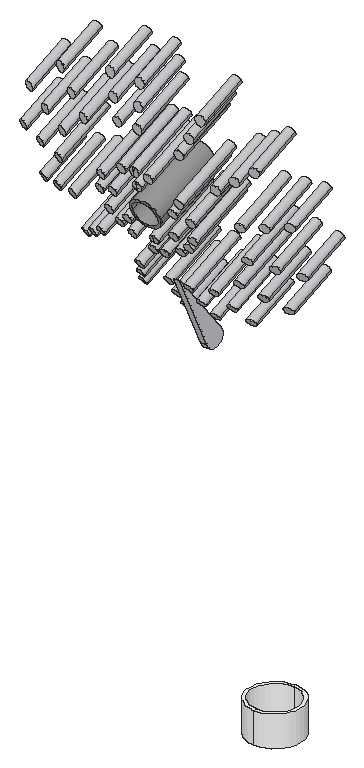
Revit family "Reece_Shower_Posh_Solus MK3_Shower Handpiece", category Plumbing Fixtures, host Face, Revit 2018
Family settings
  Host = Face
  Round Connector Dimension = Use Diameter
  Part Type = Normal
  Cut with Voids When Loaded = No
  Shared = Yes
  Room Calculation Point = Yes
Parameters (values of type "Chrome")
  Waste Connection = no
  WFU = 0
  Vent Connection = no
  URL = "https://www.reece.com.au/product/-2213738"
  Type Comments = "Shower"
  Reece_Shower_Inlet = 12 mm  # constant formula
  Reece_Product_Web Page = "https://www.reece.com.au/product/-2213738"
  Reece_Product_Type = "Shower"  # constant formula
  Reece_Product_Sub Brand = "Solus"  # constant formula
  Reece_Product_Number = "2213738"
  Reece_Product_Mount = "N/A"
  Reece_Product_Description = "Posh Solus MK3 Handpiece Only 3 Function Chrome (4 Star)"  # constant formula
  Reece_Product_Brand = "Posh"  # constant formula
  Reece_Overall_Height = 230 mm  # constant formula
  Reece_Overall_Diameter = 100 mm  # constant formula
  Reece_Material_Secondary = Reece_Plastic_White
  Reece_Material_Main = Reece_Brass_Chrome
  Reece_Material_Colour = Reece_Plastic_ABS
  Reece_Detail_Function = "3 Function"  # constant formula
  Reece_Detail_Disclaimer = "THIS FILE IS THE PROPERTY OF THE REECE GROUP. IT MAY NOT BE REPRODUCED, REVERSE-ENGINEERED OR MODIFIED. ANY REPUBLICATION, TRANSMISSION OR DISTRIBUTION FOR THE PURPOSE OF COMMERCIALLY EXPLOITING THE FILES IS PROHIBITED."  # constant formula
  Reece_Detail_Connector = "Shower Handpiece"  # constant formula
  Model = "Solus"
  Manufacturer = "Posh"
  Keynote = "Product #2213738, Reece_Shower_Posh_Solus MK3_Shower Handpiece - Chrome"
  HWFU = 0
  HW Connection = no
  Disclaimer = "THIS FILE IS THE PROPERTY OF THE REECE GROUP. IT MAY NOT BE REPRODUCED, REVERSE-ENGINEERED OR MODIFIED. ANY REPUBLICATION, TRANSMISSION OR DISTRIBUTION FOR THE PURPOSE OF COMMERCIALLY EXPLOITING THE FILES IS PROHIBITED."  # constant formula
  Description = "Posh Solus MK3 Handpiece Only 3 Function Chrome (4 Star)"
  Default Elevation = 0 mm
  Cost = 0
  CWFU = 0
  CW Connection = no
  Assembly Code = ""
Reference planes
  plane 1 "Center (Front/Back)": y = 0
  plane 2: z = 0
  plane 3 "Center (Left/Right)": x = 0
  plane 4: z = 230
  plane 5: x = 50
  plane 6: x = -50
  plane 7: through (0, -48.793, 230) normal (0, -0.9345, -0.356)
Forms (mm)
  Revolve 1, solid, material "Reece_Brass_Chrome" <- "Reece_Material_Main"
    sketch origin (0, 0, 0) x (0, 1, 0) y (0, 0, 1)
      loop
        line (-8.5, 10) -> (-8.5, 0) -> (-7.5, 0) -> (-7.5, 10) -> (-8.5, 10)
      axis (0, 0) -> (0, 10)
    angle from 0 to 360
  Extrusion 2, solid, material "Reece_Plastic_White" <- "Reece_Material_Secondary", detail levels fine
    sketch origin (477.479, 7.832, 81.339) x (1, 0, 0) y (0, -0.355954, 0.934503)
      loop
        circle (-480.459, 139.366) r 1.5
      loop
        circle (-481.221, 146.324) r 1.5
      loop
        circle (-481.983, 153.283) r 1.5
      loop
        circle (-492.756, 135.192) r 1.5
      loop
        circle (-496.387, 141.176) r 1.5
      loop
        circle (-500.019, 147.16) r 1.5
      loop
        circle (-502.205, 126.11) r 1.5
      loop
        circle (-508.04, 129.975) r 1.5
      loop
        circle (-513.877, 133.84) r 1.5
      loop
        circle (-506.844, 114.108) r 1.5
      loop
        circle (-513.762, 115.173) r 1.5
      loop
        circle (-520.681, 116.238) r 1.5
      loop
        circle (-505.683, 101.24) r 1.5
      loop
        circle (-512.715, 99.191) r 1.5
      loop
        circle (-519.435, 97.232) r 1.5
      loop
        circle (-499.748, 89.764) r 1.5
      loop
        circle (-505.011, 85.148) r 1.5
      loop
        circle (-510.274, 80.533) r 1.5
      loop
        circle (-489.275, 82.085) r 1.5
      loop
        circle (-492.094, 75.678) r 1.5
      loop
        circle (-494.914, 69.271) r 1.5
      loop
        circle (-481.983, 65.806) r 1.5
      loop
        circle (-481.221, 72.764) r 1.5
      loop
        circle (-480.459, 79.723) r 1.5
      loop
        circle (-473.927, 139.366) r 1.5
      loop
        circle (-473.165, 146.324) r 1.5
      loop
        circle (-472.403, 153.283) r 1.5
      loop
        circle (-461.63, 135.192) r 1.5
      loop
        circle (-457.998, 141.176) r 1.5
      loop
        circle (-454.367, 147.16) r 1.5
      loop
        circle (-452.181, 126.11) r 1.5
      loop
        circle (-446.345, 129.975) r 1.5
      loop
        circle (-440.509, 133.84) r 1.5
      loop
        circle (-447.542, 114.108) r 1.5
      loop
        circle (-440.623, 115.173) r 1.5
      loop
        circle (-433.705, 116.238) r 1.5
      loop
        circle (-448.703, 101.24) r 1.5
      loop
        circle (-441.671, 99.191) r 1.5
      loop
        circle (-434.951, 97.232) r 1.5
      loop
        circle (-454.638, 89.764) r 1.5
      loop
        circle (-449.375, 85.148) r 1.5
      loop
        circle (-444.112, 80.533) r 1.5
      loop
        circle (-465.11, 82.085) r 1.5
      loop
        circle (-462.291, 75.678) r 1.5
      loop
        circle (-459.472, 69.271) r 1.5
      loop
        circle (-472.403, 65.806) r 1.5
      loop
        circle (-473.165, 72.764) r 1.5
      loop
        circle (-473.927, 79.723) r 1.5
      loop
        circle (-481.56, 123.863) r 1.5
      loop
        circle (-477.193, 124.544) r 1.5
      loop
        circle (-472.826, 123.863) r 1.5
      loop
        circle (-477.193, 119.544) r 1.5
      loop
        circle (-486.96, 113.426) r 1.5
      loop
        circle (-489.893, 118.03) r 1.5
      loop
        circle (-492.018, 111.826) r 1.5
      loop
        circle (-485.079, 98.07) r 1.5
      loop
        circle (-488.47, 100.904) r 1.5
      loop
        circle (-490.838, 104.636) r 1.5
      loop
        circle (-484.711, 104.201) r 1.5
      loop
        circle (-477.193, 99.73) r 1.5
      loop
        circle (-479.292, 94.627) r 1.5
      loop
        circle (-475.57, 94.724) r 1.5
      loop
        circle (-467.425, 113.426) r 1.5
      loop
        circle (-464.492, 118.03) r 1.5
      loop
        circle (-462.367, 111.826) r 1.5
      loop
        circle (-469.306, 98.07) r 1.5
      loop
        circle (-465.915, 100.904) r 1.5
      loop
        circle (-463.548, 104.636) r 1.5
      loop
        circle (-469.674, 104.201) r 1.5
    from 0 to 30
  Revolve 3, void
    sketch origin (0, 0, 0) x (0, 1, 0) y (0, 0, 1)
      loop
        line (-61.715, 224.008) -> (-80.405, 216.889) -> (-62.963, 171.098) -> (-53.253, 174.797)
        arc (-53.253, 174.797) -> (-59.874, 198.992) -> (-61.715, 224.008) r 129.747
      axis (-44.273, 178.217) -> (-62.963, 171.098)
    angle from 0 to 360
  Extrusion 4, solid
    sketch origin (0, 39.733, 14.556) x (0, 0.951057, 0.309017) y (0, -0.309017, 0.951057)
      loop
        line (-25.001, 129.867) -> (-34.06, 153.652) -> (-30.866, 127.639)
        arc (-30.866, 127.639) -> (-30.279, 125.992) -> (-29.046, 124.753) r 4
        arc (-29.046, 124.753) -> (-25.842, 124.74) -> (-24.454, 127.629) r 3
        arc (-24.454, 127.629) -> (-24.658, 128.765) -> (-25.001, 129.867) r 9.298
    from -1 to 1
  Extrusion 5, solid, material "Reece_Plastic_ABS" <- "Reece_Material_Colour"
    sketch origin (477.479, 7.832, 81.339) x (1, 0, 0) y (0, -0.355954, 0.934503)
      loop
        circle (-477.193, 109.544) r 5
      loop
        circle (-477.193, 109.544) r 4.2
    from 0 to 30
Cuts and joins
  Revolve 3 cuts Extrusion 2
  Revolve 3 cuts Extrusion 5
Lines and regions (mm)
  Masking region 1
    outline origin (0, 0, 0) x (1, 0, 0) y (0, 0, 1)
      loop
        line (-13.005, 74.608) -> (-13.005, 12.293) -> (13.107, 12.293) -> (13.107, 74.608) -> (-13.005, 74.608)
  symbolic lines, style "PlumbingFixtures"
    curve 1: arc (0, -60.968, 224.293) -> (0, -52.789, 174.974) -> (0, -26.084, 132.711) r 126.064
    curve 2: line (0, -24.326, 132.311) -> (0, -22.765, 132.906)
    curve 3: arc (0, -21.761, 132.692) -> (0, -22.231, 132.947) -> (0, -22.765, 132.906) r 0.947
    curve 4: line (-15, 0, 10) -> (-13.532, 0, 104.989)
    curve 5: line (-13.532, 0, 104.989) -> (-13.25, 0, 123.267)
    curve 6: line (15, 0, 10) -> (13.532, 0, 104.989)
    curve 7: line (13.532, 0, 104.989) -> (13.25, 0, 123.267)
    curve 8: line (15, 0, 10) -> (-15, 0, 10)
    curve 9: arc (0, -1.923, 169.909) -> (0, 2.398, 158.159) -> (0, 5.386, 146.001) r 112.498
    curve 10: arc (0, 5.386, 146.001) -> (0, 10.218, 124.015) -> (0, 13.68, 101.772) r 363.369
    curve 11: arc (0, 13.68, 101.772) -> (0, 16.534, 69.377) -> (0, 17.082, 36.861) r 457.857
    curve 12: line (0, 17.082, 36.861) -> (0, 17.082, 10)
    curve 13: arc (0, -48.793, 230) -> (0, -21.516, 202.951) -> (0, -1.923, 169.909) r 151.428
    curve 14: line (0, -48.793, 230) -> (0, -59.922, 225.761)
Text (mm)
  text "Reece Copyright © 2018, Reece Ltd." at (-684.407, -223.434, 0), in view "Ref. Level"
  text "Reece ©" at (290.323, 26.521, 334.836), in view "Reece_Preview"
Dimensions and locks
  "Reece_Overall_Height": plane 4 to level
  "Reece_Overall_Diameter": plane 6 to plane 5
  "Reece_Overall_Diameter": plane 6 to free form element
  aligned and locked: host face to plane 2
  aligned and locked: level to host face
Automatic sketch dimensions
  curve 4 to plane 3 "Center (Left/Right)" = 15 mm
  curve 4 to plane 3 "Center (Left/Right)" = 13.532 mm
  plane 3 "Center (Left/Right)" to curve 7 = 13.532 mm
  plane 3 "Center (Left/Right)" to curve 8 = 15 mm
  level to curve 4 = 10 mm
  curve 4 to curve 5 = 94.989 mm
  curve 7 to curve 4 = 0 mm
  curve 5 to plane 3 "Center (Left/Right)" = 13.25 mm
  plane 3 "Center (Left/Right)" to curve 7 = 13.25 mm
  curve 6 to curve 7 = 18.279 mm
  curve 4 to curve 5 = 18.279 mm
  host sketch curve to host sketch curve = 400 mm  (x2)
  Revolve 1 sketch curve to level = 0 mm  (x2)
  Revolve 1 sketch curve to plane 1 "Center (Front/Back)" = 0 mm
  plane 1 "Center (Front/Back)" to Revolve 1 sketch curve = 7.5 mm
  Revolve 1 sketch curve to Revolve 1 sketch curve = 1 mm
  level to Revolve 1 sketch curve = 10 mm
  Revolve 1 sketch curve to Revolve 1 sketch curve = 6 mm
  Extrusion 2 sketch curve to plane 6 = 6.798 mm
  Extrusion 2 sketch curve to plane 6 = 8.044 mm
  Extrusion 2 sketch curve to plane 6 = 13.602 mm
  Extrusion 2 sketch curve to Extrusion 2 sketch curve = 6.919 mm  (x3)
  Extrusion 2 sketch curve to Extrusion 2 sketch curve = 6.72 mm  (x2)
  Extrusion 2 sketch curve to plane 6 = 17.205 mm
  Extrusion 2 sketch curve to Extrusion 2 sketch curve = 5.836 mm  (x4)
  Extrusion 2 sketch curve to Extrusion 2 sketch curve = 7.032 mm  (x2)
  Extrusion 2 sketch curve to Extrusion 2 sketch curve = 5.263 mm  (x4)
  Extrusion 2 sketch curve to Extrusion 2 sketch curve = 8.022 mm
  Extrusion 2 sketch curve to Extrusion 2 sketch curve = 3.631 mm  (x4)
  Extrusion 2 sketch curve to plane 3 "Center (Left/Right)" = 17.435 mm
  Extrusion 2 sketch curve to Extrusion 2 sketch curve = 2.819 mm  (x4)
  Extrusion 2 sketch curve to plane 3 "Center (Left/Right)" = 14.539 mm
  Extrusion 2 sketch curve to Extrusion 2 sketch curve = 1.18 mm
  Extrusion 2 sketch curve to Extrusion 2 sketch curve = 2.125 mm
  Extrusion 2 sketch curve to Extrusion 2 sketch curve = 2.368 mm  (x2)
  Extrusion 2 sketch curve to Extrusion 2 sketch curve = 5.058 mm  (x2)
  Extrusion 2 sketch curve to Extrusion 2 sketch curve = 3.391 mm  (x2)
  Extrusion 2 sketch curve to Extrusion 2 sketch curve = 3.759 mm
  Extrusion 2 sketch curve to plane 3 "Center (Left/Right)" = 4.504 mm  (x2)
  Extrusion 2 sketch curve to plane 3 "Center (Left/Right)" = 4.081 mm
  Extrusion 2 sketch curve to plane 3 "Center (Left/Right)" = 3.742 mm  (x2)
  Extrusion 2 sketch curve to plane 3 "Center (Left/Right)" = 2.98 mm  (x2)
  Extrusion 2 sketch curve to plane 3 "Center (Left/Right)" = 1.813 mm
  plane 3 "Center (Left/Right)" to Extrusion 2 sketch curve = 0.286 mm  (x3)
  plane 3 "Center (Left/Right)" to Extrusion 2 sketch curve = 1.909 mm
  plane 3 "Center (Left/Right)" to Extrusion 2 sketch curve = 3.552 mm  (x2)
  plane 3 "Center (Left/Right)" to Extrusion 2 sketch curve = 4.314 mm  (x2)
  Extrusion 2 sketch curve to Extrusion 2 sketch curve = 4.367 mm
  plane 3 "Center (Left/Right)" to Extrusion 2 sketch curve = 5.076 mm  (x2)
  plane 3 "Center (Left/Right)" to Extrusion 2 sketch curve = 7.805 mm
  Extrusion 2 sketch curve to Extrusion 2 sketch curve = 0.368 mm
  Extrusion 2 sketch curve to Extrusion 2 sketch curve = 2.249 mm
  Extrusion 2 sketch curve to Extrusion 2 sketch curve = 8.816 mm
  Extrusion 2 sketch curve to Extrusion 2 sketch curve = 2.933 mm
  Extrusion 2 sketch curve to Extrusion 2 sketch curve = 12.297 mm
  Extrusion 2 sketch curve to Extrusion 2 sketch curve = 10.473 mm
  Extrusion 2 sketch curve to Extrusion 2 sketch curve = 9.449 mm
  Extrusion 2 sketch curve to Extrusion 2 sketch curve = 5.935 mm
  Extrusion 2 sketch curve to Extrusion 2 sketch curve = 4.639 mm
  Extrusion 2 sketch curve to plane 5 = 6.226 mm
  Extrusion 2 sketch curve to Extrusion 2 sketch curve = 0 mm  (x3)
  Extrusion 2 sketch curve to Extrusion 2 sketch curve = 3.465 mm  (x2)
  Extrusion 2 sketch curve to Extrusion 2 sketch curve = 6.958 mm  (x7)
  Extrusion 2 sketch curve to Extrusion 2 sketch curve = 6.407 mm  (x4)
  Extrusion 2 sketch curve to Extrusion 2 sketch curve = 4.855 mm  (x2)
  Extrusion 2 sketch curve to Extrusion 2 sketch curve = 4.615 mm  (x4)
  Extrusion 2 sketch curve to Extrusion 2 sketch curve = 14.905 mm
  Extrusion 2 sketch curve to Extrusion 2 sketch curve = 0.097 mm
  Extrusion 2 sketch curve to Extrusion 2 sketch curve = 12.083 mm  (x2)
  Extrusion 2 sketch curve to Extrusion 2 sketch curve = 3.346 mm
  Extrusion 2 sketch curve to Extrusion 2 sketch curve = 3.442 mm
  Extrusion 2 sketch curve to Extrusion 2 sketch curve = 1.959 mm  (x2)
  Extrusion 2 sketch curve to Extrusion 2 sketch curve = 5.006 mm
  Extrusion 2 sketch curve to Extrusion 2 sketch curve = 2.834 mm  (x2)
  Extrusion 2 sketch curve to Extrusion 2 sketch curve = 2.05 mm  (x2)
  Extrusion 2 sketch curve to Extrusion 2 sketch curve = 3.297 mm  (x2)
  Extrusion 2 sketch curve to Extrusion 2 sketch curve = 3.732 mm  (x2)
  Extrusion 2 sketch curve to Extrusion 2 sketch curve = 7.19 mm  (x2)
  Extrusion 2 sketch curve to Extrusion 2 sketch curve = 1.6 mm  (x2)
  Extrusion 2 sketch curve to Extrusion 2 sketch curve = 12.868 mm  (x2)
  Extrusion 2 sketch curve to Extrusion 2 sketch curve = 1.065 mm  (x4)
  Extrusion 2 sketch curve to Extrusion 2 sketch curve = 4.605 mm  (x2)
  Extrusion 2 sketch curve to Extrusion 2 sketch curve = 4.319 mm  (x2)
  Extrusion 2 sketch curve to Extrusion 2 sketch curve = 0.681 mm
  Extrusion 2 sketch curve to Extrusion 2 sketch curve = 12.002 mm  (x2)
  Extrusion 2 sketch curve to Extrusion 2 sketch curve = 3.865 mm  (x4)
  Extrusion 2 sketch curve to Extrusion 2 sketch curve = 9.082 mm  (x2)
  Extrusion 2 sketch curve to Extrusion 2 sketch curve = 4.174 mm
  Extrusion 2 sketch curve to Extrusion 2 sketch curve = 5.984 mm  (x4)
  plane 4 to Revolve 3 sketch curve = 13.111 mm
  plane 1 "Center (Front/Back)" to Revolve 3 sketch curve = 80.405 mm
  Revolve 3 sketch curve to Revolve 3 sketch curve = 17.442 mm
  plane 4 to Revolve 3 sketch curve = 5.992 mm
  Revolve 3 sketch curve to Revolve 3 sketch curve = 18.69 mm
  level to Revolve 3 sketch curve = 174.797 mm
  plane 4 to Revolve 3 sketch curve = 9.019 mm
  Revolve 3 sketch curve to Revolve 3 sketch curve = 26.061 mm
  Revolve 3 sketch curve to Revolve 3 sketch curve = 22.257 mm
  Revolve 3 sketch curve to Revolve 3 sketch curve = 9.927 mm
  Revolve 3 sketch curve to Revolve 3 sketch curve = 8.478 mm
  plane 7 to Extrusion 4 sketch curve = 20.333 mm
  plane 1 "Center (Front/Back)" to Extrusion 4 sketch curve = 40.141 mm
  Extrusion 4 sketch curve to Extrusion 4 sketch curve = 0.371 mm
  Extrusion 4 sketch curve to Extrusion 4 sketch curve = 2.823 mm
  Extrusion 4 sketch curve to Extrusion 4 sketch curve = 3.433 mm
  Extrusion 4 sketch curve to Extrusion 4 sketch curve = 0.537 mm
  Extrusion 4 sketch curve to Extrusion 4 sketch curve = 1.895 mm
  Extrusion 4 sketch curve to Extrusion 4 sketch curve = 23.785 mm
  Extrusion 4 sketch curve to Extrusion 4 sketch curve = 1.741 mm
  Extrusion 4 sketch curve to Extrusion 4 sketch curve = 0.487 mm
  Extrusion 4 sketch curve to Extrusion 4 sketch curve = 0.843 mm
  Extrusion 4 sketch curve to Extrusion 4 sketch curve = 1.081 mm
  Extrusion 4 sketch curve to Extrusion 4 sketch curve = 0 mm
  Masking region 1 sketch curve to plane 3 "Center (Left/Right)" = 13.005 mm
  plane 3 "Center (Left/Right)" to Masking region 1 sketch curve = 13.107 mm
  level to Masking region 1 sketch curve = 12.293 mm
  Masking region 1 sketch curve to Masking region 1 sketch curve = 62.315 mm
  Extrusion 5 sketch curve to Extrusion 5 sketch curve = 0 mm  (x3)
  plane 3 "Center (Left/Right)" to Extrusion 5 sketch curve = 0.286 mm
  Extrusion 2 sketch curve to Extrusion 2 sketch curve = 6.119 mm
  plane 1 "Center (Front/Back)" to curve 2 = 22.765 mm
  curve 3 to curve 3 = 0.337 mm
  plane 4 to curve 1 = 10.153 mm
  curve 1 to plane 1 "Center (Front/Back)" = 65.018 mm
  curve 3 to curve 2 = 0.885 mm
  curve 1 to curve 2 = 3.319 mm
  curve 2 to curve 2 = 1.561 mm
  curve 3 to curve 3 = 0.668 mm
  curve 2 to curve 2 = 0.595 mm
  curve 2 to curve 1 = 0.401 mm
  plane 4 to curve 2 = 97.094 mm
  plane 4 to curve 1 = 5.707 mm
  curve 14 to plane 7 = 0 mm
  curve 9 to curve 1 = 79.1 mm
  curve 13 to curve 9 = 35.734 mm
  level to curve 10 = 57.045 mm
  curve 10 to curve 13 = 206.008 mm
  curve 11 to curve 10 = 93.769 mm
  curve 14 to plane 4 = 0 mm
  curve 12 to plane 1 "Center (Front/Back)" = 17.082 mm
  level to curve 11 = 45.415 mm
  level to curve 12 = 36.861 mm
  level to curve 13 = 109.819 mm
  curve 13 to curve 9 = 15.448 mm
  plane 4 to curve 14 = 4.239 mm
  curve 1 to curve 14 = 1.046 mm
  curve 9 to curve 13 = 0 mm
  curve 10 to plane 1 "Center (Front/Back)" = 5.386 mm
  level to curve 12 = 10 mm
  radius of Extrusion 2 sketch curve = 1.5 mm  (x69)
  radius of Extrusion 5 sketch curve = 5 mm
  radius of Extrusion 5 sketch curve = 4.2 mm
Connectors
  piping at (0, 0, 0), diameter 12, driven by "Reece_Shower_Inlet"
    settings: on Revolve 1, index 1, connector inside diameter 609.6 mm, connector length 0 mm, flow factor 0, pipe flow 0.0 L/s, pressure drop 0.0 Pa, fitting loss kfactor 0, connector angle 0.00°, fixture units 0, engagement length 0 mm, angle of deflection 0.00°, flow configuration 0, flow direction 1, fitting loss method 0, system type 29, joint type 0, gender type 0, connector reference index -1, connector utility 0, adjustable connector no, is connector primary yes, connector description ""
